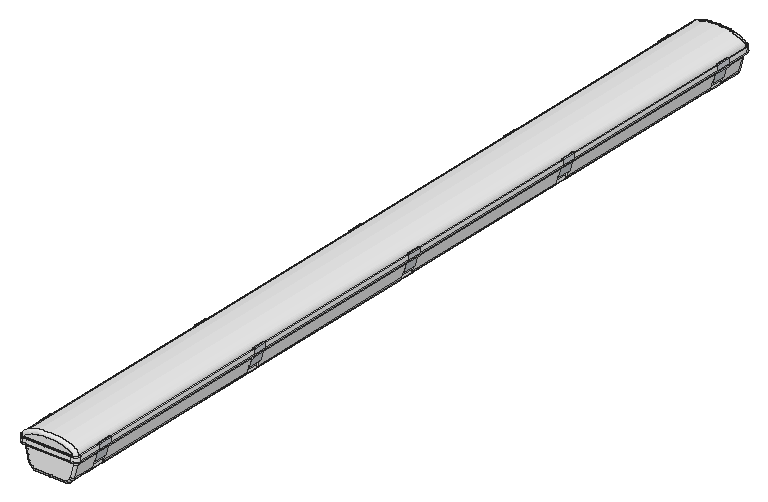
Revit family "0068087", category Lighting Fixtures, host Face, Revit 2017
Family settings
  Host = Face
  Round Connector Dimension = Use Diameter
  Part Type = Normal
  OmniClass Number = 23.80.70.11.14
  OmniClass Title = General Luminaries, Directional
  Cut with Voids When Loaded = Yes
  Light Source = Yes
  Shared = No
  Room Calculation Point = No
Parameters (values of type "0048676 ST WTRPRF T 1500 HO IP65 8300LM 865")
  Width = 110 mm
  Weight = "2.49 kg"
  Wattage Comments = "n/a"
  Wattage = 63 W
  WarrantyStartDate [instance] = "n/a"
  WarrantyGuarantorParts = "n/a"
  WarrantyDurationUnit = "n/a"
  WarrantyDurationParts = "n/a"
  WarrantyDescription = "n/a"
  built-in parameter 1150110 = 1 (stored number, unit not read)
  Voltage = 0 V
  URL = "http://www.sylvania-lighting.com"
  TypeName = "START Waterproof T 1500 HO IP65 8300lm 865"
  Type Image = <None>
  Type Comments = "n/a"
  built-in parameter 1114217 = 1 (stored number, unit not read)
  Tilt Angle = -90.00°
  built-in parameter 1150109 = 1 (stored number, unit not read)
  built-in parameter 1150134 = 1
  built-in parameter 1150113 = 1 (stored number, unit not read)
  SerialNumber [instance] = "n/a"
  ReflectorMaterial = none
  PowerFactor = 0.99
  PowerConsumption = "67 W"
  Photometric Web File = "0068087.ies"
  NominalWidth = 0 mm
  NominalLength = 1578 mm
  NominalHeight = 78 mm
  Name = "START Waterproof T 1500 HO IP65 8300lm 865"
  ModelReference = "START Waterproof T 1500 HO IP65 8300lm 865"
  ModelNumber = "0048676"
  Model = "START Waterproof T 1500 HO IP65 8300lm 865"
  Material = "pc polycarbonate housing, pc polycarbonate diffuser"
  ManufacturerName = "Feilo Sylvania"
  Manufacturer = "Feilo Sylvania"
  LuminousEfficacy = "124 lm/W"
  built-in parameter 1150105 = 621.66 (stored number, unit not read)
  Lumens = 7812 lm
  LuminaireType = ""
  built-in parameter 1150115 = 1 (stored number, unit not read)
  LightOutputRatio = "n/a"
  built-in parameter 1150137 = (empty or 0)
  built-in parameter 1150139 = (empty or 0)
  Length = 1572 mm
  LampsType = Lamp  # "LED"
  LampNominalLuminous = "8500 lm"
  LampMacAdamStep = "5"
  LampColourTemperature = "6500 K"
  LampColourRenderingIndex = "80"
  built-in parameter 1150112 = 1 (stored number, unit not read)
  built-in parameter 1150114 = 1 (stored number, unit not read)
  Lamp = "LED"
  Keynote = "16500"
  InstallationDate [instance] = "n/a"
  InputVoltage = "n/a"
  InputNominalFrequency = "n/a"
  built-in parameter 1150132 = (empty or 0)
  built-in parameter 1150102 = (empty or 0)
  built-in parameter 1150107 = 6500 (stored number, unit not read)
  built-in parameter 1150138 = (empty or 0)
  IngressProtection = "IP65"
  ImpactProtectionIndex = "IK08"
  built-in parameter 1150106 = 6.2166 (stored number, unit not read)
  IfcExportType = "IfcLightFixtureType"
  IfcExportAs = "IfcLightFixtureType"
  ExpectedLife = 50000
  Emit from Rectangle Width = Width - 20 mm  # 90 mm
  Emit from Rectangle Length = Length - 20 mm  # 1552 mm
  Emit Shape Visible in Rendering = no
  ElectricShockClassification = "Class I"
  built-in parameter 1150104 = 11.52 (stored number, unit not read)
  DurationUnit = "hours"
  DocumentationLiterature = "http://www.sylvania-lighting.com/product/en-int/products/0048676"
  DimmingControlOptions = "n/a"
  Dimming Lamp Color Temperature Shift = <None>
  DiffuserMaterial = Diffuser-Sylvania-Transparent
  Description = "Start Waterproof, integrated LED weatherproof luminaire, with UV stabilized flat diffuser and linear prisms designed to achieve uniform lit appearance, optimise light output and to reduce glare, stainless steel diffuser clips and fixing brackets for surface mounting. Polycarbonate housing, Polycarbonate diffuser, 8300 lm, 67 W, 120 lm/W, 6500 K, drive current 1010 mA, Non dimmable,  CRI80, IP65, IK08, Class I,  nominal average life (h):50000, 1578 mm x 110 mm x 78 mm ,energy class: A++ A+ A, D-mark"
  Default Elevation = 1219.2 mm
  CreatedOn = "7/11/2019"
  CreatedBy = "@sylvania-lighting.com"
  Cost = 0
  Color Filter = 16777215
  built-in parameter 1114216 [instance] = (empty or 0)
  ClassificationValue = "EF_70_80"
  ClassificationName = "Uniclass2015"
  BodyMaterial = Body-Sylvania-Gray
  BarCode [instance] = "n/a"
  built-in parameter 1114218 = 1 (stored number, unit not read)
  built-in parameter 1150133 = 10 (stored number, unit not read)
  AssetType = "Fixed"
  AssetIdentifier [instance] = "n/a"
  Assembly Code = "D5020200"
  Apparent Load = 67 VA
  AccessoryMaterial = Diffuser-Sylvania-Glow
Reference planes
  plane 1 "Center (Front/Back)": y = 0
  plane 2: z = 0
  plane 3 "Center (Left/Right)": x = 0
  plane 4: z = 54
  plane 5: x = -27.7
  plane 6: x = -34.8
  plane 7: x = -39.6
  plane 8: x = -42.2
  plane 9: z = 3
  plane 10: z = 7.8
  plane 11: z = 12.3
  plane 12: z = 36.6
  plane 13: z = 42.8
  plane 14: x = -51.1
  plane 15: z = 46.2
  plane 16: x = -55
  plane 17: y = 786
  plane 18: y = -786
  plane 19: x = 27.7
  plane 20: x = 34.8
  plane 21: x = 39.6
  plane 22: x = 42.2
  plane 23: x = 51.1
  plane 24: x = 55
  plane 25: y = 778.4
  plane 26: y = -778.4
  plane 27: y = -774.7
  plane 28: y = 774.7
  plane 29: z = 74
  plane 30: x = -51.5
  plane 31: x = 51.5
  plane 32: z = 55.2
  plane 33: y = -782.5
  plane 34: y = 782.5
  plane 35: x = -37.5
  plane 36: x = 37.5
  plane 37: x = -48.7
  plane 38: x = 48.7
  plane 39: x = 18
  plane 40: x = -18
  plane 41: z = 50.2
  plane 42: z = 24.6
  plane 43: y = 720
  plane 44: y = 706
  plane 45: y = 734
  plane 46: y = -720
  plane 47: y = 720
  plane 48: y = 706
  plane 49: y = 734
  plane 50: y = -720
  plane 51: y = -734
  plane 52: y = -706
  plane 53: y = 360
  plane 54: y = 346
  plane 55: y = 374
  plane 56: y = 0
  plane 57: y = -14
  plane 58: y = 14
  plane 59: y = -360
  plane 60: y = -374
  plane 61: y = -346
Forms (mm)
  Sweep 1, solid, material "Body-Sylvania-Gray" <- "BodyMaterial", detail levels medium+fine
    path origin (1223.4, -4572, 54) x (0, -1, 0) y (1, 0, 0)
      loop
        arc (-3796, -1278.4) -> (-3788.929, -1275.471) -> (-3786, -1268.4) r 10
        line (-3786, -1268.4) -> (-3786, -1178.4)
        arc (-3786, -1178.4) -> (-3788.929, -1171.329) -> (-3796, -1168.4) r 10
        line (-3796, -1168.4) -> (-5348, -1168.4)
        arc (-5348, -1168.4) -> (-5355.071, -1171.329) -> (-5358, -1178.4) r 10
        line (-5358, -1178.4) -> (-5358, -1268.4)
        arc (-5358, -1268.4) -> (-5355.071, -1275.471) -> (-5348, -1278.4) r 10
        line (-5348, -1278.4) -> (-3796, -1278.4)
    profile origin (-55, 0, 54) x (-1, 0, 0) y (0, 0, 1)
      loop
        line (0, 0) -> (-1, 0) -> (-1, -7.726)
        arc (-1, -7.726) -> (-1.994, -9.498) -> (-3.9, -10.2) r 2.937
        line (-3.9, -10.2) -> (-8.571, -10.2) -> (-8.571, -11.2) -> (-3.9, -11.2)
        arc (-3.9, -11.2) -> (-1.313, -10.231) -> (0, -7.8) r 3.937
        line (0, -7.8) -> (0, 0)
  Sweep 2, solid, material "Body-Sylvania-Gray" <- "BodyMaterial", detail levels medium+fine
    path origin (0, 0, 0) x (1, 0, 0) y (0, 0, 1)
      loop
        line (48.7, 42.8) -> (48.7, 36.6) -> (42.203, 12.31)
        arc (42.203, 12.31) -> (41.199, 9.884) -> (39.6, 7.8) r 10.052
        line (39.6, 7.8) -> (34.8, 3)
        arc (34.8, 3) -> (31.554, 0.781) -> (27.7, 0) r 9.902
        line (27.7, 0) -> (0, 0) -> (-27.7, 0)
        arc (-27.7, 0) -> (-31.554, 0.781) -> (-34.8, 3) r 9.902
        line (-34.8, 3) -> (-39.6, 7.8)
        arc (-39.6, 7.8) -> (-41.199, 9.884) -> (-42.203, 12.31) r 10.052
        line (-42.203, 12.31) -> (-48.7, 36.6) -> (-48.7, 42.8)
    profile origin (0, 0, 0) x (0, 0, -1) y (0, -1, 0)
      loop
        arc (0, 773.4) -> (-1.464, 776.936) -> (-5, 778.4) r 5
        line (-5, 778.4) -> (-7.8, 778.4) -> (-7.8, -778.4) -> (-5, -778.4)
        arc (-5, -778.4) -> (-1.464, -776.936) -> (0, -773.4) r 5
        line (0, -773.4) -> (0, 773.4)
  Extrusion 3, solid, material "Body-Sylvania-Gray" <- "BodyMaterial", detail levels medium+fine
    sketch origin (1524, 778.4, 1219.2) x (1, 0, 0) y (0, 0, 1)
      loop
        arc (-1558.668, -1204.874) -> (-1558.443, -1205.418) -> (-1558.085, -1205.885) r 2.252
        line (-1558.085, -1205.885) -> (-1553.231, -1210.738)
        arc (-1553.231, -1210.738) -> (-1552.534, -1211.227) -> (-1551.7, -1211.4) r 2.102
        line (-1551.7, -1211.4) -> (-1496.3, -1211.4)
        arc (-1496.3, -1211.4) -> (-1495.466, -1211.227) -> (-1494.769, -1210.738) r 2.102
        line (-1494.769, -1210.738) -> (-1489.915, -1205.885)
        arc (-1489.915, -1205.885) -> (-1489.557, -1205.418) -> (-1489.332, -1204.874) r 2.252
        line (-1489.332, -1204.874) -> (-1483.1, -1181.575) -> (-1483.1, -1176.4) -> (-1564.9, -1176.4) -> (-1564.9, -1181.575) -> (-1558.668, -1204.874)
    from 0 to 1556.8
  Sweep 4, solid, material "Diffuser-Sylvania-Transparent" <- "DiffuserMaterial", detail levels medium+fine
    path origin (0, 0, 0) x (1, 0, 0) y (0, 0, 1)
      loop
        spline (-51.5, 55.2) -> (-49.745, 60.066) -> (-44.6, 64.6) -> (-36.416, 68.494) -> (-25.75, 71.481) -> (-13.329, 73.359) -> (0, 74) -> (13.329, 73.359) -> (25.75, 71.481) -> (36.416, 68.494) -> (44.6, 64.6) -> (49.745, 60.066) -> (51.5, 55.2)
    profile origin (51.5, 0, 55.2) x (0, -1, 0) y (1, 0, 0)
      loop
        arc (782.5, -5.5) -> (780.889, -1.611) -> (777, 0) r 5.5
        line (777, 0) -> (-777, 0)
        arc (-777, 0) -> (-780.889, -1.611) -> (-782.5, -5.5) r 5.5
        line (-782.5, -5.5) -> (-782.5, -6.3) -> (-781.5, -6.3) -> (-781.5, -5.5)
        arc (-781.5, -5.5) -> (-780.182, -2.318) -> (-777, -1) r 4.5
        line (-777, -1) -> (777, -1)
        arc (777, -1) -> (780.182, -2.318) -> (781.5, -5.5) r 4.5
        line (781.5, -5.5) -> (781.5, -6.347) -> (782.5, -6.347) -> (782.5, -5.5)
  Extrusion 5, solid, material "Diffuser-Sylvania-Transparent" <- "DiffuserMaterial", detail levels medium+fine
    sketch origin (1524, -782.5, 1219.2) x (1, 0, 0) y (0, 0, 1)
      loop
        line (-1569.653, -1164) -> (-1478.347, -1164)
        spline (-1478.347, -1164) -> (-1478.969, -1162.594) -> (-1482.527, -1159.545) -> (-1489.588, -1156.201) -> (-1499.458, -1153.445) -> (-1511.242, -1151.663) -> (-1524, -1151.049) -> (-1536.758, -1151.663) -> (-1548.542, -1153.445) -> (-1558.412, -1156.201) -> (-1565.473, -1159.545) -> (-1569.031, -1162.594) -> (-1569.653, -1164)
    from 0 to -1
  Extrusion 6, solid, material "Diffuser-Sylvania-Transparent" <- "DiffuserMaterial", detail levels medium+fine
    sketch origin (1524, 782.5, 1219.2) x (1, 0, 0) y (0, 0, 1)
      loop
        spline (-1478.3, -1164) -> (-1478.931, -1162.565) -> (-1482.502, -1159.505) -> (-1489.572, -1156.155) -> (-1499.446, -1153.394) -> (-1511.236, -1151.614) -> (-1524, -1151.007) -> (-1536.764, -1151.614) -> (-1548.554, -1153.394) -> (-1558.428, -1156.155) -> (-1565.498, -1159.505) -> (-1569.069, -1162.565) -> (-1569.7, -1164)
        line (-1569.7, -1164) -> (-1478.3, -1164)
    from 0 to 1
  Extrusion 7, solid, material "Diffuser-Sylvania-Transparent" <- "DiffuserMaterial", detail levels medium+fine
    sketch origin (1223.4, -4572, 55.2) x (0, -1, 0) y (-1, 0, 0)
      loop
        arc (-5353.5, 1177.4) -> (-5352.182, 1174.218) -> (-5349, 1172.9) r 4.5
        line (-5349, 1172.9) -> (-3795, 1172.9)
        arc (-3795, 1172.9) -> (-3791.818, 1174.218) -> (-3790.5, 1177.4) r 4.5
        line (-3790.5, 1177.4) -> (-3790.5, 1269.4)
        arc (-3790.5, 1269.4) -> (-3791.818, 1272.582) -> (-3795, 1273.9) r 4.5
        line (-3795, 1273.9) -> (-5349, 1273.9)
        arc (-5349, 1273.9) -> (-5352.182, 1272.582) -> (-5353.5, 1269.4) r 4.5
        line (-5353.5, 1269.4) -> (-5353.5, 1177.4)
      loop
        line (-5358, 1268.4) -> (-5358, 1178.4)
        arc (-5358, 1178.4) -> (-5355.071, 1171.329) -> (-5348, 1168.4) r 10
        line (-5348, 1168.4) -> (-3796, 1168.4)
        arc (-3796, 1168.4) -> (-3788.929, 1171.329) -> (-3786, 1178.4) r 10
        line (-3786, 1178.4) -> (-3786, 1268.4)
        arc (-3786, 1268.4) -> (-3788.929, 1275.471) -> (-3796, 1278.4) r 10
        line (-3796, 1278.4) -> (-5348, 1278.4)
        arc (-5348, 1278.4) -> (-5355.071, 1275.471) -> (-5358, 1268.4) r 10
    from 0 to 1.2
  Extrusion 8, solid, material "Diffuser-Sylvania-Glow" <- "AccessoryMaterial", detail levels fine
    sketch origin (0, 0, 0) x (1, 0, 0) y (0, 0, 1)
      loop
        circle (-18, 50.2) r 8
      loop
        circle (18, 50.2) r 8
    from -774.7 to 774.7
  Extrusion 9, void
    sketch origin (0, 720, 2343.807) x (0, 0, -1) y (-1, 0, 0)
      loop
        line (2340.807, -37.5) -> (2331.507, -37.5) -> (2319.207, -42.2) -> (2319.207, -48.7) -> (2340.807, -48.7) -> (2340.807, -37.5)
      loop
        line (2340.807, 37.5) -> (2340.807, 48.7) -> (2319.207, 48.7) -> (2319.207, 42.2) -> (2331.507, 37.5) -> (2340.807, 37.5)
    from -14 to 14
  Extrusion 10, solid, material "Body-Sylvania-Gray" <- "BodyMaterial", detail levels coarse
    sketch origin (0, 0, 0) x (1, 0, 0) y (0, 0, 1)
      loop
        line (55, 42.8) -> (55, 55.2) -> (-55, 55.2) -> (-55, 42.791) -> (-42.2, 0) -> (42.2, 0) -> (55, 42.8)
    from -786 to 786
  Extrusion 11, solid, material "Diffuser-Sylvania-Transparent" <- "DiffuserMaterial", detail levels coarse
    sketch origin (0, 0, 0) x (1, 0, 0) y (0, 0, 1)
      loop
        arc (51.5, 55.2) -> (0, 74) -> (-51.5, 55.2) r 79.939
        line (-51.5, 55.2) -> (51.5, 55.2)
    from 778.4 to -778.4
  Extrusion 12, void, not visible
    sketch origin (0, 720, 2343.807) x (0, 0, -1) y (-1, 0, 0)
      loop
        line (2340.807, -37.5) -> (2331.507, -37.5) -> (2319.207, -42.2) -> (2319.207, -48.7) -> (2340.807, -48.7) -> (2340.807, -37.5)
      loop
        line (2340.807, 37.5) -> (2340.807, 48.7) -> (2319.207, 48.7) -> (2319.207, 42.2) -> (2331.507, 37.5) -> (2340.807, 37.5)
    from -14 to 14
  Extrusion 13, void
    sketch origin (0, -720, 2343.807) x (0, 0, -1) y (-1, 0, 0)
      loop
        line (2340.807, -37.5) -> (2331.507, -37.5) -> (2319.207, -42.2) -> (2319.207, -48.7) -> (2340.807, -48.7) -> (2340.807, -37.5)
      loop
        line (2340.807, 37.5) -> (2340.807, 48.7) -> (2319.207, 48.7) -> (2319.207, 42.2) -> (2331.507, 37.5) -> (2340.807, 37.5)
    from -14 to 14
  Extrusion 14, void
    sketch origin (0, 360, 2343.807) x (0, 0, -1) y (-1, 0, 0)
      loop
        line (2340.807, -37.5) -> (2331.507, -37.5) -> (2319.207, -42.2) -> (2319.207, -48.7) -> (2340.807, -48.7) -> (2340.807, -37.5)
      loop
        line (2340.807, 37.5) -> (2340.807, 48.7) -> (2319.207, 48.7) -> (2319.207, 42.2) -> (2331.507, 37.5) -> (2340.807, 37.5)
    from -14 to 14
  Extrusion 15, void
    sketch origin (0, 0, 2343.807) x (0, 0, -1) y (-1, 0, 0)
      loop
        line (2340.807, -37.5) -> (2331.507, -37.5) -> (2319.207, -42.2) -> (2319.207, -48.7) -> (2340.807, -48.7) -> (2340.807, -37.5)
      loop
        line (2340.807, 37.5) -> (2340.807, 48.7) -> (2319.207, 48.7) -> (2319.207, 42.2) -> (2331.507, 37.5) -> (2340.807, 37.5)
    from -14 to 14
  Extrusion 16, void
    sketch origin (0, -360, 2343.807) x (0, 0, -1) y (-1, 0, 0)
      loop
        line (2340.807, -37.5) -> (2331.507, -37.5) -> (2319.207, -42.2) -> (2319.207, -48.7) -> (2340.807, -48.7) -> (2340.807, -37.5)
      loop
        line (2340.807, 37.5) -> (2340.807, 48.7) -> (2319.207, 48.7) -> (2319.207, 42.2) -> (2331.507, 37.5) -> (2340.807, 37.5)
    from -14 to 14
Cuts and joins
  Extrusion 9, Extrusion 13, Extrusion 14, Extrusion 15, Extrusion 16 cuts Sweep 2
  Extrusion 13, Extrusion 14, Extrusion 15, Extrusion 16 cuts Extrusion 3
  joined: Sweep 2, Extrusion 3
  joined: Sweep 4, Extrusion 5, Extrusion 6
Dimensions and locks
  locked: plane 4 to plane 2 at 54
  plane 5 to plane 6 to plane 7 to plane 8 to plane 14 to plane 16 = 7.1 mm locked, 4.8 mm locked, 2.6 mm locked, 8.9 mm, 3.9 mm
  plane 4 to plane 15 to plane 13 to plane 12 to plane 11 to plane 10 to plane 9 = 7.8 mm locked, 3.4 mm, 6.2 mm locked, 24.3 mm locked, 4.5 mm locked, 4.8 mm locked
  equal spacing: plane 18, plane 1 "Center (Front/Back)", plane 17
  "Length": plane 18 to plane 17
  plane 19 to plane 20 to plane 21 to plane 22 to plane 23 to plane 24 = 7.1 mm locked, 4.8 mm locked, 2.6 mm locked, 8.9 mm, 3.9 mm
  equal spacing: plane 24, plane 3 "Center (Left/Right)", plane 16
  "Width": plane 24 to plane 16
  equal spacing: plane 27, plane 1 "Center (Front/Back)", plane 28
  locked: plane 26 to plane 27 at 3.7
  locked: Sweep 1 sketch curve to profile plane at 1
  locked: Sweep 1 sketch curve to plane 13 at 1
  locked: Sweep 1 sketch curve to plane 13 at 3.937  (x2)
  locked: Sweep 1 sketch curve to profile plane at 3.9  (x2)
  locked: plane 29 to plane 4 at 20
  equal spacing: plane 31, plane 3 "Center (Left/Right)", plane 30
  locked: plane 30 to plane 16 at 3.5
  locked: plane 32 to plane 4 at 1.2
  equal spacing: plane 33, plane 1 "Center (Front/Back)", plane 34
  equal spacing: plane 36, plane 3 "Center (Left/Right)", plane 35
  locked: plane 3 "Center (Left/Right)" to plane 35 at 37.5
  locked: plane 34 to plane 17 at 3.5
  equal spacing: plane 38, plane 3 "Center (Left/Right)", plane 37
  locked: plane 37 to plane 16 at 6.3
  equal spacing: plane 25, plane 1 "Center (Front/Back)", plane 26
  locked: plane 17 to plane 25 at 7.6
  locked: Sweep 2 sketch curve to plane 2 at 5  (x2)
  locked: Sweep 2 sketch curve to plane 26 at 5
  locked: plane 25 to Sweep 2 sketch curve at 5
  locked: Sweep 4 sketch curve to plane 31 at 5.5  (x2)
  locked: Sweep 4 sketch curve to plane 34 at 5.5
  plane 33 to Sweep 4 sketch curve = 5.5 mm
  locked: plane 34 to Sweep 4 sketch curve at 1
  locked: Sweep 4 sketch curve to plane 31 at 1
  locked: Sweep 4 sketch curve to Sweep 4 sketch curve at 1
  locked: Sweep 4 sketch curve to plane 31 at 6.347
  locked: Sweep 4 sketch curve to plane 31 at 6.3
  equal spacing: plane 39, plane 3 "Center (Left/Right)", plane 40
  locked: plane 3 "Center (Left/Right)" to plane 40 at 18
  locked: plane 42 to plane 2 at 24.6
  plane 45 to plane 43 to plane 44 = 14 mm locked, 14 mm locked
  locked: plane 17 to plane 43 at 66
  equal spacing: plane 43, plane 1 "Center (Front/Back)", plane 46
  plane 49 to plane 47 to plane 48 = 14 mm locked, 14 mm locked
  plane 52 to plane 50 to plane 51 = 14 mm locked, 14 mm locked  (x2)
  equal spacing: group 1, group 6, group 7, group 8, group 5  (x2)
  equal spacing: group 5, group 8, group 7, group 6, group 1
  plane 55 to plane 53 to plane 54 = 14 mm locked, 14 mm locked  (x2)
  plane 58 to plane 56 to plane 57 = 14 mm locked, 14 mm locked  (x2)
  plane 61 to plane 59 to plane 60 = 14 mm locked, 14 mm locked  (x2)
  plane 43 to plane 53 to plane 1 "Center (Front/Back)" to plane 59 to plane 50 = 360 mm locked, 360 mm locked, 360 mm locked, 360 mm locked
  aligned and locked: plane 2 to host face
  aligned and locked: level to host face
  aligned and locked: plane 16 to Sweep 1 sketch curve
  aligned and locked: Sweep 1 sketch curve to plane 24
  aligned and locked: plane 18 to Sweep 1 sketch curve
  aligned and locked: Sweep 1 sketch curve to plane 13
  aligned and locked: profile plane to Sweep 1 sketch curve
  aligned and locked: plane 3 "Center (Left/Right)" to Sweep 2 sketch curve
  aligned and locked: plane 9 to Sweep 2 sketch curve
  aligned and locked: plane 10 to Sweep 2 sketch curve
  aligned and locked: plane 37 to Sweep 2 sketch curve
  aligned and locked: plane 12 to Sweep 2 sketch curve
  aligned and locked: Sweep 2 sketch curve to level
  aligned and locked: plane 21 to Sweep 2 sketch curve
  aligned and locked: plane 38 to Sweep 2 sketch curve
  aligned and locked: profile plane to Sweep 2 sketch curve
  aligned and locked: plane 25 to Sweep 2 sketch curve
  aligned and locked: Sweep 2 sketch curve to plane 10
  aligned and locked: Extrusion 3 sketch curve to Sweep 2  (x7)
  aligned and locked: Sweep 2 to Extrusion 3 sketch curve
  aligned and locked: Extrusion 3 to plane 25
  aligned and locked: plane 26 to Extrusion 3
  aligned and locked: plane 32 to Sweep 4 sketch curve
  aligned and locked: plane 33 to Sweep 4 sketch curve
  aligned and locked: Sweep 4 to Extrusion 5
  aligned and locked: plane 33 to Extrusion 5
  aligned and locked: Extrusion 5 sketch curve to Sweep 4
  aligned and locked: cut or joined group of Sweep 4, Extrusion 5, Extrusion 6 to Extrusion 6 sketch curve
  aligned and locked: Extrusion 7 sketch curve to cut or joined group of Sweep 4, Extrusion 5, Extrusion 6  (x2)
  aligned and locked: cut or joined group of Sweep 4, Extrusion 5, Extrusion 6 to Extrusion 7 sketch curve  (x2)
  aligned and locked: plane 41 to Extrusion 8 sketch curve  (x2)
  aligned and locked: plane 39 to Extrusion 8 sketch curve
  aligned and locked: plane 27 to Extrusion 8
  aligned and locked: Extrusion 8 to plane 28
  aligned and locked: Extrusion 9 to plane 42
  aligned and locked: plane 9 to Extrusion 9
  aligned and locked: plane 44 to Extrusion 9
  aligned and locked: Extrusion 9 to plane 45
  aligned and locked: Extrusion 7 sketch curve to Sweep 1  (x4)
  aligned and locked: plane 4 to Extrusion 7
  aligned and locked: Extrusion 7 to plane 32
  aligned and locked: nested 2 to plane 43
  aligned and locked: plane 43 to nested 1
  aligned and locked: Extrusion 10 sketch curve to plane 24
  aligned and locked: Extrusion 10 sketch curve to Extrusion 7
  aligned and locked: plane 8 to Extrusion 10 sketch curve
  aligned and locked: plane 22 to Extrusion 10 sketch curve
  aligned and locked: level to Extrusion 10 sketch curve
  aligned and locked: Extrusion 10 to plane 17
  aligned and locked: plane 18 to Extrusion 10
  aligned and locked: cut or joined group of Sweep 4, Extrusion 5, Extrusion 6 to Extrusion 11 sketch curve
  aligned and locked: Extrusion 11 sketch curve to cut or joined group of Sweep 4, Extrusion 5, Extrusion 6  (x2)
  aligned and locked: plane 31 to Extrusion 11 sketch curve
  aligned and locked: plane 30 to Extrusion 11 sketch curve
  aligned and locked: plane 26 to Extrusion 11
  aligned and locked: Extrusion 11 to plane 25
  aligned and locked: imposter light to plane 29
  aligned and locked: plane 3 "Center (Left/Right)" to imposter light
  aligned and locked: plane 1 "Center (Front/Back)" to imposter light
  aligned and locked: plane 51 to Extrusion 13
  aligned and locked: Extrusion 13 to plane 52
  aligned and locked: plane 54 to Extrusion 14
  aligned and locked: Extrusion 14 to plane 55
  aligned and locked: plane 57 to Extrusion 15
  aligned and locked: Extrusion 15 to plane 58
  aligned and locked: plane 60 to Extrusion 16
  aligned and locked: Extrusion 16 to plane 61
  aligned and locked: nested 3 to plane 53
  aligned and locked: plane 53 to nested 10
  aligned and locked: nested 4 to plane 56
  aligned and locked: plane 56 to nested 9
  aligned and locked: nested 5 to plane 59
  aligned and locked: plane 59 to nested 8
  aligned and locked: nested 6 to plane 50
  aligned and locked: plane 50 to nested 7
Automatic sketch dimensions
  host sketch curve to host sketch curve = 2438.4 mm  (x2)
  plane 17 to Sweep 1 sketch curve = 0 mm
  Sweep 1 sketch curve to plane 28 = 1.3 mm
  Sweep 1 sketch curve to plane 7 = 5.4 mm
  plane 27 to Sweep 1 sketch curve = 1.3 mm  (x2)
  Sweep 1 sketch curve to Sweep 1 sketch curve = 4.671 mm
  Sweep 1 sketch curve to plane 4 = 0 mm
  Sweep 2 sketch curve to plane 7 = 0 mm
  Sweep 2 sketch curve to plane 6 = 0 mm
  Sweep 2 sketch curve to plane 5 = 0 mm
  plane 19 to Sweep 2 sketch curve = 0 mm
  Sweep 2 sketch curve to plane 9 = 0 mm
  plane 20 to Sweep 2 sketch curve = 0 mm
  Sweep 2 sketch curve to plane 12 = 0 mm
  Sweep 2 sketch curve to plane 10 = 0 mm
  Sweep 2 sketch curve to plane 13 = 0 mm  (x2)
  Sweep 2 sketch curve to plane 8 = 0.003 mm
  plane 6 to Sweep 2 sketch curve = 2.308 mm
  plane 20 to Sweep 2 sketch curve = 2.308 mm
  Sweep 2 sketch curve to plane 22 = 0.003 mm
  Sweep 2 sketch curve to plane 11 = 0.01 mm  (x2)
  Extrusion 3 sketch curve to plane 5 = 0 mm
  plane 19 to Extrusion 3 sketch curve = 0 mm
  plane 6 to Extrusion 3 sketch curve = 0.132 mm
  plane 6 to Extrusion 3 sketch curve = 0.715 mm
  Extrusion 3 sketch curve to Extrusion 3 sketch curve = 1.592 mm
  Extrusion 3 sketch curve to plane 10 = 0.662 mm  (x2)
  plane 20 to Extrusion 3 sketch curve = 2.308 mm
  plane 20 to Extrusion 3 sketch curve = 0.715 mm
  plane 20 to Extrusion 3 sketch curve = 0.132 mm
  Sweep 4 sketch curve to plane 30 = 0 mm
  Sweep 4 sketch curve to plane 3 "Center (Left/Right)" = 0 mm
  Sweep 4 sketch curve to Sweep 4 sketch curve = 0 mm  (x2)
  plane 37 to Extrusion 5 sketch curve = 3.047 mm
  Extrusion 5 sketch curve to plane 38 = 3.047 mm
  plane 37 to Extrusion 6 sketch curve = 3 mm
  Extrusion 6 sketch curve to plane 38 = 3 mm
  plane 25 to Extrusion 7 sketch curve = 1.4 mm  (x2)
  Extrusion 7 sketch curve to plane 26 = 1.4 mm  (x2)
  Extrusion 8 sketch curve to plane 40 = 0 mm
  Extrusion 9 sketch curve to Extrusion 9 sketch curve = 0 mm
  Extrusion 9 sketch curve to Extrusion 9 sketch curve = 12.3 mm  (x2)
  Extrusion 9 sketch curve to Extrusion 9 sketch curve = 9.3 mm  (x2)
  Extrusion 9 sketch curve to Extrusion 9 sketch curve = 6.5 mm
  Extrusion 9 sketch curve to Extrusion 9 sketch curve = 4.7 mm  (x2)
  Extrusion 9 sketch curve to Extrusion 9 sketch curve = 75 mm
  Extrusion 9 sketch curve to Extrusion 9 sketch curve = 11.2 mm
  Extrusion 10 sketch curve to plane 13 = 0 mm
  plane 13 to Extrusion 10 sketch curve = 0.009 mm
  Extrusion 11 sketch curve to level = 5.939 mm
  Extrusion 10 sketch curve to plane 16 = 0 mm
  Extrusion 12 sketch curve to Extrusion 12 sketch curve = 0 mm
  Extrusion 12 sketch curve to Extrusion 12 sketch curve = 12.3 mm  (x2)
  Extrusion 12 sketch curve to Extrusion 12 sketch curve = 9.3 mm  (x2)
  Extrusion 12 sketch curve to Extrusion 12 sketch curve = 6.5 mm
  Extrusion 12 sketch curve to Extrusion 12 sketch curve = 4.7 mm  (x2)
  Extrusion 12 sketch curve to Extrusion 12 sketch curve = 75 mm
  Extrusion 12 sketch curve to Extrusion 12 sketch curve = 11.2 mm
  Extrusion 13 sketch curve to Extrusion 13 sketch curve = 0 mm
  Extrusion 13 sketch curve to Extrusion 13 sketch curve = 12.3 mm  (x2)
  Extrusion 13 sketch curve to Extrusion 13 sketch curve = 9.3 mm  (x2)
  Extrusion 13 sketch curve to Extrusion 13 sketch curve = 6.5 mm
  Extrusion 13 sketch curve to Extrusion 13 sketch curve = 4.7 mm  (x2)
  Extrusion 13 sketch curve to Extrusion 13 sketch curve = 75 mm
  Extrusion 13 sketch curve to Extrusion 13 sketch curve = 11.2 mm
  Extrusion 14 sketch curve to Extrusion 14 sketch curve = 0 mm
  Extrusion 14 sketch curve to Extrusion 14 sketch curve = 12.3 mm  (x2)
  Extrusion 14 sketch curve to Extrusion 14 sketch curve = 9.3 mm  (x2)
  Extrusion 14 sketch curve to Extrusion 14 sketch curve = 6.5 mm
  Extrusion 14 sketch curve to Extrusion 14 sketch curve = 4.7 mm  (x2)
  Extrusion 14 sketch curve to Extrusion 14 sketch curve = 75 mm
  Extrusion 14 sketch curve to Extrusion 14 sketch curve = 11.2 mm
  Extrusion 15 sketch curve to Extrusion 15 sketch curve = 0 mm
  Extrusion 15 sketch curve to Extrusion 15 sketch curve = 12.3 mm  (x2)
  Extrusion 15 sketch curve to Extrusion 15 sketch curve = 9.3 mm  (x2)
  Extrusion 15 sketch curve to Extrusion 15 sketch curve = 6.5 mm
  Extrusion 15 sketch curve to Extrusion 15 sketch curve = 4.7 mm  (x2)
  Extrusion 15 sketch curve to Extrusion 15 sketch curve = 75 mm
  Extrusion 15 sketch curve to Extrusion 15 sketch curve = 11.2 mm
  Extrusion 16 sketch curve to Extrusion 16 sketch curve = 0 mm
  Extrusion 16 sketch curve to Extrusion 16 sketch curve = 12.3 mm  (x2)
  Extrusion 16 sketch curve to Extrusion 16 sketch curve = 9.3 mm  (x2)
  Extrusion 16 sketch curve to Extrusion 16 sketch curve = 6.5 mm
  Extrusion 16 sketch curve to Extrusion 16 sketch curve = 4.7 mm  (x2)
  Extrusion 16 sketch curve to Extrusion 16 sketch curve = 75 mm
  Extrusion 16 sketch curve to Extrusion 16 sketch curve = 11.2 mm
  radius of Extrusion 8 sketch curve = 8 mm  (x2)
Nested families
  nested 1: "Clip" at (42.2, 720, 24.6), type "Clip", detail levels fine
  nested 2: "Clip" at (-42.2, 720, 24.6) x (-1, 0, 0) z (0, 0, 1), type "Clip", detail levels fine
  nested 3: "Clip" at (-42.2, 360, 24.6) x (-1, 0, 0) z (0, 0, 1), type "Clip", detail levels fine
  nested 4: "Clip" at (-42.2, 0, 24.6) x (-1, 0, 0) z (0, 0, 1), type "Clip", detail levels fine
  nested 5: "Clip" at (-42.2, -360, 24.6) x (-1, 0, 0) z (0, 0, 1), type "Clip", detail levels fine
  nested 6: "Clip" at (-42.2, -720, 24.6) x (-1, 0, 0) z (0, 0, 1), type "Clip", detail levels fine
  nested 7: "Clip" at (42.2, -720, 24.6), type "Clip", detail levels fine
  nested 8: "Clip" at (42.2, -360, 24.6), type "Clip", detail levels fine
  nested 9: "Clip" at (42.2, 0, 24.6), type "Clip", detail levels fine
  nested 10: "Clip" at (42.2, 360, 24.6), type "Clip", detail levels fine
Connectors
  electrical at (0, 0, 0), driven by "Apparent Load"
    settings: index 1, voltage 230 V, apparent load 67 VA, apparent load phase1 0 VA, apparent load phase2 0 VA, apparent load phase3 0 VA, power factor 0, load classification "Lighting", number of poles 1, system type 30, power factor state 1, is connector primary yes, connector utility no, sub classification motor no, connector description ""
Definition of nested family "Clip"
  Parameters (values of type "Clip")
    URL = "http://www.feilosylvania.com"
    Type Comments = "n/a"
    Model = "n/a"
    Manufacturer = "Feilo Sylvania"
    Keynote = "n/a"
    Description = "n/a"
    Default Elevation = 1219.2 mm
    Cost = 0
    BodyMaterial = none
    Assembly Code = "n/a"
  Reference planes
    plane 1 "Center (Front/Back)": y = 0
    plane 2: z = 0
    plane 3 "Center (Left/Right)": x = 0
    plane 4: x = 3.3
    plane 5: x = 6.5
    plane 6: x = 8.9
    plane 7: x = 12.8
    plane 8: z = 12
    plane 9: z = 18.2
    plane 10: z = 21.6
    plane 11: z = 30.6
    plane 12: x = 9.3
    plane 13: z = 19.2
    plane 14: z = 16.2
    plane 15: x = 10.1
    plane 16: y = 12
    plane 17: y = -12
  Forms (mm)
    Extrusion 1, solid
      sketch origin (-0.8, 0, 0) x (1, 0, 0) y (0, 1, 0)
        loop
          line (-1219.2, 1219.2) -> (-1219.2, -1219.2) -> (1219.2, -1219.2) -> (1219.2, 1219.2) -> (-1219.2, 1219.2)
      from 0 to -304.8
    Extrusion 2, solid
      sketch origin (0, 0, 0) x (1, 0, 0) y (0, 0, 1)
        loop
          line (8.9, 16.2) -> (4.58, 0) -> (0, 0) -> (0, -0.8) -> (5.195, -0.8) -> (9.603, 15.731) -> (13.6, 18.806) -> (13.6, 30.6)
          arc (13.6, 30.6) -> (11.45, 32.75) -> (9.3, 30.6) r 2.15
          line (9.3, 30.6) -> (10.1, 30.6)
          arc (10.1, 30.6) -> (11.45, 31.95) -> (12.8, 30.6) r 1.35
          line (12.8, 30.6) -> (12.8, 19.2) -> (8.9, 16.2)
      from -12 to 12
  Lines and regions (mm)
    reference lines
      curve 1: line (3.3, 0, 0) -> (6.5, 0, 12)
      curve 2: arc (8.9, 0, 18.2) -> (11.488, 0, 19.169) -> (12.8, 0, 21.6) r 3.934
  Dimensions and locks
    plane 7 to plane 6 to plane 5 to plane 4 to plane 3 "Center (Left/Right)" = 3.9 mm locked, 2.4 mm locked, 3.2 mm locked, 3.3 mm locked
    plane 11 to plane 10 to plane 9 to plane 8 to plane 2 = 9 mm locked, 3.4 mm locked, 6.2 mm locked, 12 mm locked
    locked: plane 7 to plane 12 at 3.5
    locked: plane 13 to plane 9 at 1
    locked: plane 9 to plane 14 at 2
    locked: plane 15 to plane 12 at 0.8
    locked: plane 2 to Extrusion 2 sketch curve at 0.8
    locked: Extrusion 2 sketch curve to Extrusion 2 sketch curve at 0.8  (x3)
    locked: plane 7 to Extrusion 2 sketch curve at 1.35
    equal spacing: plane 17, plane 1 "Center (Front/Back)", plane 16
    locked: plane 1 "Center (Front/Back)" to plane 16 at 12
    aligned and locked: plane 2 to Extrusion 1
    aligned and locked: level to Extrusion 1
    aligned and locked: plane 4 to curve 1
    aligned and locked: plane 5 to curve 1
    aligned and locked: plane 6 to curve 2
    aligned and locked: plane 10 to curve 2
    aligned and locked: plane 14 to Extrusion 2 sketch curve
    aligned and locked: plane 13 to Extrusion 2 sketch curve
    aligned and locked: plane 7 to Extrusion 2 sketch curve
    aligned and locked: plane 3 "Center (Left/Right)" to Extrusion 2 sketch curve
    aligned and locked: Extrusion 2 sketch curve to level
    aligned and locked: Extrusion 2 sketch curve to plane 11
    aligned and locked: plane 11 to Extrusion 2 sketch curve
    aligned and locked: Extrusion 2 to plane 16
    aligned and locked: plane 17 to Extrusion 2
  Automatic sketch dimensions
    Extrusion 1 sketch curve to Extrusion 1 sketch curve = 2438.4 mm  (x2)
    curve 2 to plane 7 = 0 mm
    curve 1 to level = 0 mm
    curve 1 to plane 8 = 0 mm
    curve 2 to plane 9 = 0 mm
    plane 6 to curve 2 = 0.002 mm
    Extrusion 2 sketch curve to Extrusion 2 sketch curve = 0 mm
    Extrusion 2 sketch curve to plane 6 = 0 mm
    plane 4 to Extrusion 2 sketch curve = 1.28 mm
